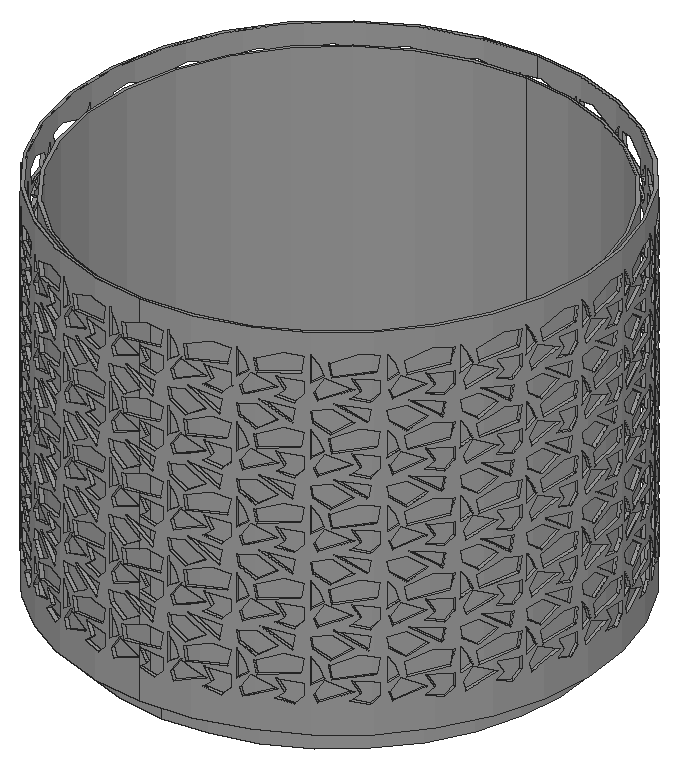
Revit family "14832 Цветочница «Филигран» средняя, диаметр 900 мм Хоббика", category Антураж, Revit 2018 (continued)
Automatic sketch dimensions
  Extrusion 25 sketch curve to Extrusion 25 sketch curve = 0.133 mm  (x4)
  Extrusion 25 sketch curve to plane 6 = 285.615 mm
  level to Extrusion 25 sketch curve = 292.385 mm
  level to Extrusion 25 sketch curve = 170.385 mm
  level to Extrusion 25 sketch curve = 284.794 mm
  Extrusion 25 sketch curve to Extrusion 25 sketch curve = 4.057 mm  (x4)
  Extrusion 25 sketch curve to plane 6 = 171.206 mm
  level to Extrusion 25 sketch curve = 162.794 mm
  Extrusion 25 sketch curve to plane 6 = 49.206 mm
  Extrusion 25 sketch curve to Extrusion 25 sketch curve = 4.19 mm
  Extrusion 25 sketch curve to plane 6 = 293.206 mm
  Extrusion 25 sketch curve to plane 6 = 72.501 mm
  Extrusion 25 sketch curve to Extrusion 25 sketch curve = 8.628 mm  (x5)
  level to Extrusion 25 sketch curve = 139.499 mm
  Extrusion 25 sketch curve to plane 6 = 316.501 mm
  level to Extrusion 25 sketch curve = 261.499 mm
  Extrusion 25 sketch curve to plane 6 = 194.501 mm
  level to Extrusion 25 sketch curve = 141.498 mm
  Extrusion 25 sketch curve to Extrusion 25 sketch curve = 0.747 mm  (x5)
  Extrusion 25 sketch curve to plane 6 = 314.502 mm
  Extrusion 25 sketch curve to plane 6 = 70.502 mm
  level to Extrusion 25 sketch curve = 263.498 mm
  Extrusion 25 sketch curve to plane 6 = 192.502 mm
  level to Extrusion 25 sketch curve = 160.292 mm
  Extrusion 25 sketch curve to Extrusion 25 sketch curve = 12.025 mm  (x5)
  Extrusion 25 sketch curve to plane 6 = 173.708 mm
  Extrusion 25 sketch curve to plane 6 = 295.708 mm
  Extrusion 25 sketch curve to plane 6 = 51.708 mm
  level to Extrusion 25 sketch curve = 282.292 mm
  level to Extrusion 25 sketch curve = 345.67 mm
  Extrusion 25 sketch curve to Extrusion 25 sketch curve = 19.647 mm  (x4)
  Extrusion 25 sketch curve to plane 6 = 232.33 mm
  Extrusion 25 sketch curve to plane 6 = 110.33 mm
  level to Extrusion 25 sketch curve = 223.67 mm
  level to Extrusion 25 sketch curve = 101.67 mm
  Extrusion 25 sketch curve to Extrusion 25 sketch curve = 10.899 mm
  Extrusion 25 sketch curve to plane 6 = 217.681 mm
  level to Extrusion 25 sketch curve = 116.319 mm
  level to Extrusion 25 sketch curve = 238.319 mm
  Extrusion 25 sketch curve to plane 6 = 95.681 mm
  Extrusion 25 sketch curve to plane 6 = 339.681 mm
  level to Extrusion 25 sketch curve = 188.601 mm
  Extrusion 25 sketch curve to Extrusion 25 sketch curve = 9.934 mm  (x4)
  Extrusion 25 sketch curve to plane 6 = 267.399 mm
  Extrusion 25 sketch curve to plane 6 = 145.399 mm
  level to Extrusion 25 sketch curve = 310.601 mm
  Extrusion 25 sketch curve to plane 6 = 156.752 mm
  Extrusion 25 sketch curve to Extrusion 25 sketch curve = 2.998 mm  (x2)
  Extrusion 25 sketch curve to Extrusion 25 sketch curve = 4.288 mm  (x3)
  Extrusion 25 sketch curve to plane 6 = 325.917 mm
  Extrusion 25 sketch curve to plane 6 = 126.818 mm
  Extrusion 25 sketch curve to plane 6 = 248.818 mm
  level to Extrusion 25 sketch curve = 207.182 mm
  level to Extrusion 25 sketch curve = 329.182 mm
  Extrusion 25 sketch curve to Extrusion 25 sketch curve = 13.764 mm  (x4)
  Extrusion 25 sketch curve to Extrusion 25 sketch curve = 11.353 mm  (x3)
  Extrusion 25 sketch curve to Extrusion 25 sketch curve = 12.985 mm
  Extrusion 25 sketch curve to Extrusion 25 sketch curve = 16.957 mm
  level to Extrusion 26 sketch curve = 133.966 mm
  level to Extrusion 26 sketch curve = 255.966 mm
  Extrusion 26 sketch curve to Extrusion 26 sketch curve = 0 mm  (x9)
  Extrusion 26 sketch curve to plane 6 = 282.455 mm
  Extrusion 26 sketch curve to plane 6 = 78.034 mm
  Extrusion 26 sketch curve to plane 6 = 344.088 mm
  level to Extrusion 26 sketch curve = 173.545 mm
  Extrusion 26 sketch curve to plane 6 = 200.034 mm
  Extrusion 26 sketch curve to plane 6 = 38.455 mm
  level to Extrusion 26 sketch curve = 295.545 mm
  Extrusion 26 sketch curve to plane 6 = 160.455 mm
  Extrusion 26 sketch curve to plane 6 = 187.049 mm
  Extrusion 26 sketch curve to Extrusion 26 sketch curve = 4.689 mm  (x5)
  level to Extrusion 26 sketch curve = 268.951 mm
  Extrusion 26 sketch curve to plane 6 = 65.049 mm
  level to Extrusion 26 sketch curve = 146.951 mm
  Extrusion 26 sketch curve to plane 6 = 309.049 mm
  level to Extrusion 26 sketch curve = 332.294 mm
  Extrusion 26 sketch curve to Extrusion 26 sketch curve = 12.981 mm  (x4)
  Extrusion 26 sketch curve to plane 6 = 245.706 mm
  Extrusion 26 sketch curve to plane 6 = 123.706 mm
  level to Extrusion 26 sketch curve = 210.294 mm
  level to Extrusion 26 sketch curve = 97.77 mm
  Extrusion 26 sketch curve to Extrusion 26 sketch curve = 14.142 mm  (x5)
  level to Extrusion 26 sketch curve = 219.77 mm
  Extrusion 26 sketch curve to Extrusion 26 sketch curve = 1.161 mm  (x4)
  Extrusion 26 sketch curve to plane 6 = 114.23 mm
  level to Extrusion 26 sketch curve = 341.77 mm
  Extrusion 26 sketch curve to plane 6 = 236.23 mm
  level to Extrusion 26 sketch curve = 307.674 mm
  Extrusion 26 sketch curve to Extrusion 26 sketch curve = 17.322 mm  (x4)
  Extrusion 26 sketch curve to plane 6 = 270.326 mm
  Extrusion 26 sketch curve to plane 6 = 148.326 mm
  level to Extrusion 26 sketch curve = 185.674 mm
  Extrusion 26 sketch curve to plane 6 = 95.434 mm
  Extrusion 26 sketch curve to Extrusion 26 sketch curve = 14.512 mm  (x5)
  Extrusion 26 sketch curve to plane 6 = 217.434 mm
  Extrusion 26 sketch curve to plane 6 = 339.434 mm
  level to Extrusion 26 sketch curve = 238.566 mm
  level to Extrusion 26 sketch curve = 116.566 mm
  level to Extrusion 26 sketch curve = 178.754 mm
  Extrusion 26 sketch curve to plane 6 = 277.246 mm
  Extrusion 26 sketch curve to plane 6 = 33.246 mm
  level to Extrusion 26 sketch curve = 300.754 mm
  Extrusion 26 sketch curve to plane 6 = 155.246 mm
  level to Extrusion 26 sketch curve = 311.448 mm
  Extrusion 26 sketch curve to Extrusion 26 sketch curve = 6.775 mm  (x4)
  Extrusion 26 sketch curve to plane 6 = 266.552 mm
  Extrusion 26 sketch curve to plane 6 = 144.552 mm
  level to Extrusion 26 sketch curve = 189.448 mm
  level to Extrusion 26 sketch curve = 120.481 mm
  Extrusion 26 sketch curve to Extrusion 26 sketch curve = 8.395 mm  (x5)
  Extrusion 26 sketch curve to plane 6 = 213.519 mm
  Extrusion 26 sketch curve to plane 6 = 335.519 mm
  Extrusion 26 sketch curve to plane 6 = 91.519 mm
  level to Extrusion 26 sketch curve = 242.481 mm
  level to Extrusion 26 sketch curve = 260.217 mm
  Extrusion 26 sketch curve to Extrusion 26 sketch curve = 4.105 mm  (x5)
  Extrusion 26 sketch curve to plane 6 = 317.783 mm
  level to Extrusion 26 sketch curve = 138.217 mm
  Extrusion 26 sketch curve to plane 6 = 195.783 mm
  Extrusion 26 sketch curve to plane 6 = 73.783 mm
  level to Extrusion 26 sketch curve = 105.534 mm
  Extrusion 26 sketch curve to Extrusion 26 sketch curve = 6.071 mm  (x5)
  Extrusion 26 sketch curve to plane 6 = 106.466 mm
  level to Extrusion 26 sketch curve = 227.534 mm
  Extrusion 26 sketch curve to plane 6 = 228.466 mm
  level to Extrusion 26 sketch curve = 349.534 mm
  Extrusion 26 sketch curve to plane 6 = 236.396 mm
  level to Extrusion 26 sketch curve = 341.604 mm
  level to Extrusion 26 sketch curve = 219.604 mm
  Extrusion 26 sketch curve to plane 6 = 114.396 mm
  level to Extrusion 26 sketch curve = 212.391 mm
  Extrusion 26 sketch curve to Extrusion 26 sketch curve = 3.307 mm  (x4)
  Extrusion 26 sketch curve to plane 6 = 121.609 mm
  level to Extrusion 26 sketch curve = 334.391 mm
  Extrusion 26 sketch curve to plane 6 = 243.609 mm
  Extrusion 26 sketch curve to plane 6 = 72.971 mm
  Extrusion 26 sketch curve to Extrusion 26 sketch curve = 28.051 mm  (x5)
  level to Extrusion 26 sketch curve = 139.029 mm
  Extrusion 26 sketch curve to plane 6 = 316.971 mm
  level to Extrusion 26 sketch curve = 261.029 mm
  Extrusion 26 sketch curve to plane 6 = 194.971 mm
  Extrusion 26 sketch curve to plane 6 = 163.615 mm
  Extrusion 26 sketch curve to Extrusion 26 sketch curve = 0.133 mm  (x4)
  Extrusion 26 sketch curve to plane 6 = 285.615 mm
  level to Extrusion 26 sketch curve = 292.385 mm
  level to Extrusion 26 sketch curve = 170.385 mm
  level to Extrusion 26 sketch curve = 284.794 mm
  Extrusion 26 sketch curve to Extrusion 26 sketch curve = 4.057 mm  (x4)
  Extrusion 26 sketch curve to plane 6 = 171.206 mm
  level to Extrusion 26 sketch curve = 162.794 mm
  Extrusion 26 sketch curve to plane 6 = 49.206 mm
  Extrusion 26 sketch curve to Extrusion 26 sketch curve = 4.19 mm
  Extrusion 26 sketch curve to plane 6 = 293.206 mm
  Extrusion 26 sketch curve to plane 6 = 72.501 mm
  Extrusion 26 sketch curve to Extrusion 26 sketch curve = 8.628 mm  (x5)
  level to Extrusion 26 sketch curve = 139.499 mm
  Extrusion 26 sketch curve to plane 6 = 316.501 mm
  level to Extrusion 26 sketch curve = 261.499 mm
  Extrusion 26 sketch curve to plane 6 = 194.501 mm
  level to Extrusion 26 sketch curve = 141.498 mm
  Extrusion 26 sketch curve to Extrusion 26 sketch curve = 0.747 mm  (x5)
  Extrusion 26 sketch curve to plane 6 = 314.502 mm
  Extrusion 26 sketch curve to plane 6 = 70.502 mm
  level to Extrusion 26 sketch curve = 263.498 mm
  Extrusion 26 sketch curve to plane 6 = 192.502 mm
  level to Extrusion 26 sketch curve = 160.292 mm
  Extrusion 26 sketch curve to Extrusion 26 sketch curve = 12.025 mm  (x5)
  Extrusion 26 sketch curve to plane 6 = 173.708 mm
  Extrusion 26 sketch curve to plane 6 = 295.708 mm
  Extrusion 26 sketch curve to plane 6 = 51.708 mm
  level to Extrusion 26 sketch curve = 282.292 mm
  level to Extrusion 26 sketch curve = 345.67 mm
  Extrusion 26 sketch curve to Extrusion 26 sketch curve = 19.647 mm  (x4)
  Extrusion 26 sketch curve to plane 6 = 232.33 mm
  Extrusion 26 sketch curve to plane 6 = 110.33 mm
  level to Extrusion 26 sketch curve = 223.67 mm
  level to Extrusion 26 sketch curve = 101.67 mm
  Extrusion 26 sketch curve to Extrusion 26 sketch curve = 10.899 mm
  Extrusion 26 sketch curve to plane 6 = 217.681 mm
  level to Extrusion 26 sketch curve = 116.319 mm
  level to Extrusion 26 sketch curve = 238.319 mm
  Extrusion 26 sketch curve to plane 6 = 95.681 mm
  Extrusion 26 sketch curve to plane 6 = 339.681 mm
  level to Extrusion 26 sketch curve = 188.601 mm
  Extrusion 26 sketch curve to Extrusion 26 sketch curve = 9.934 mm  (x4)
  Extrusion 26 sketch curve to plane 6 = 267.399 mm
  Extrusion 26 sketch curve to plane 6 = 145.399 mm
  level to Extrusion 26 sketch curve = 310.601 mm
  Extrusion 26 sketch curve to plane 6 = 156.752 mm
  Extrusion 26 sketch curve to Extrusion 26 sketch curve = 2.998 mm  (x2)
  Extrusion 26 sketch curve to Extrusion 26 sketch curve = 4.288 mm  (x3)
  Extrusion 26 sketch curve to plane 6 = 325.917 mm
  Extrusion 26 sketch curve to plane 6 = 126.818 mm
  Extrusion 26 sketch curve to plane 6 = 248.818 mm
  level to Extrusion 26 sketch curve = 207.182 mm
  level to Extrusion 26 sketch curve = 329.182 mm
  Extrusion 26 sketch curve to Extrusion 26 sketch curve = 13.764 mm  (x4)
  Extrusion 26 sketch curve to Extrusion 26 sketch curve = 11.353 mm  (x3)
  Extrusion 26 sketch curve to Extrusion 26 sketch curve = 12.985 mm
  Extrusion 26 sketch curve to Extrusion 26 sketch curve = 16.957 mm
  level to Extrusion 27 sketch curve = 133.966 mm
  level to Extrusion 27 sketch curve = 255.966 mm
  Extrusion 27 sketch curve to Extrusion 27 sketch curve = 0 mm  (x9)
  Extrusion 27 sketch curve to plane 6 = 282.455 mm
  Extrusion 27 sketch curve to plane 6 = 78.034 mm
  Extrusion 27 sketch curve to plane 6 = 344.088 mm
  level to Extrusion 27 sketch curve = 173.545 mm
  Extrusion 27 sketch curve to plane 6 = 200.034 mm
  Extrusion 27 sketch curve to plane 6 = 38.455 mm
  level to Extrusion 27 sketch curve = 295.545 mm
  Extrusion 27 sketch curve to plane 6 = 160.455 mm
  Extrusion 27 sketch curve to plane 6 = 187.049 mm
  Extrusion 27 sketch curve to Extrusion 27 sketch curve = 4.689 mm  (x5)
  level to Extrusion 27 sketch curve = 268.951 mm
  Extrusion 27 sketch curve to plane 6 = 65.049 mm
  level to Extrusion 27 sketch curve = 146.951 mm
  Extrusion 27 sketch curve to plane 6 = 309.049 mm
  level to Extrusion 27 sketch curve = 332.294 mm
  Extrusion 27 sketch curve to Extrusion 27 sketch curve = 12.981 mm  (x4)
  Extrusion 27 sketch curve to plane 6 = 245.706 mm
  Extrusion 27 sketch curve to plane 6 = 123.706 mm
  level to Extrusion 27 sketch curve = 210.294 mm
  level to Extrusion 27 sketch curve = 97.77 mm
  Extrusion 27 sketch curve to Extrusion 27 sketch curve = 14.142 mm  (x5)
  level to Extrusion 27 sketch curve = 219.77 mm
  Extrusion 27 sketch curve to Extrusion 27 sketch curve = 1.161 mm  (x4)
  Extrusion 27 sketch curve to plane 6 = 114.23 mm
  level to Extrusion 27 sketch curve = 341.77 mm
  Extrusion 27 sketch curve to plane 6 = 236.23 mm
  level to Extrusion 27 sketch curve = 307.674 mm
  Extrusion 27 sketch curve to Extrusion 27 sketch curve = 17.322 mm  (x4)
  Extrusion 27 sketch curve to plane 6 = 270.326 mm
  Extrusion 27 sketch curve to plane 6 = 148.326 mm
  level to Extrusion 27 sketch curve = 185.674 mm
  Extrusion 27 sketch curve to plane 6 = 95.434 mm
  Extrusion 27 sketch curve to Extrusion 27 sketch curve = 14.512 mm  (x5)
  Extrusion 27 sketch curve to plane 6 = 217.434 mm
  Extrusion 27 sketch curve to plane 6 = 339.434 mm
  level to Extrusion 27 sketch curve = 238.566 mm
  level to Extrusion 27 sketch curve = 116.566 mm
  level to Extrusion 27 sketch curve = 178.754 mm
  Extrusion 27 sketch curve to plane 6 = 277.246 mm
  Extrusion 27 sketch curve to plane 6 = 33.246 mm
  level to Extrusion 27 sketch curve = 300.754 mm
  Extrusion 27 sketch curve to plane 6 = 155.246 mm
  level to Extrusion 27 sketch curve = 311.448 mm
  Extrusion 27 sketch curve to Extrusion 27 sketch curve = 6.775 mm  (x4)
  Extrusion 27 sketch curve to plane 6 = 266.552 mm
  Extrusion 27 sketch curve to plane 6 = 144.552 mm
  level to Extrusion 27 sketch curve = 189.448 mm
  level to Extrusion 27 sketch curve = 120.481 mm
  Extrusion 27 sketch curve to Extrusion 27 sketch curve = 8.395 mm  (x5)
  Extrusion 27 sketch curve to plane 6 = 213.519 mm
  Extrusion 27 sketch curve to plane 6 = 335.519 mm
  Extrusion 27 sketch curve to plane 6 = 91.519 mm
  level to Extrusion 27 sketch curve = 242.481 mm
  level to Extrusion 27 sketch curve = 260.217 mm
  Extrusion 27 sketch curve to Extrusion 27 sketch curve = 4.105 mm  (x5)
  Extrusion 27 sketch curve to plane 6 = 317.783 mm
  level to Extrusion 27 sketch curve = 138.217 mm
  Extrusion 27 sketch curve to plane 6 = 195.783 mm
  Extrusion 27 sketch curve to plane 6 = 73.783 mm
  level to Extrusion 27 sketch curve = 105.534 mm
  Extrusion 27 sketch curve to Extrusion 27 sketch curve = 6.071 mm  (x5)
  Extrusion 27 sketch curve to plane 6 = 106.466 mm
  level to Extrusion 27 sketch curve = 227.534 mm
  Extrusion 27 sketch curve to plane 6 = 228.466 mm
  level to Extrusion 27 sketch curve = 349.534 mm
  Extrusion 27 sketch curve to plane 6 = 236.396 mm
  level to Extrusion 27 sketch curve = 341.604 mm
  level to Extrusion 27 sketch curve = 219.604 mm
  Extrusion 27 sketch curve to plane 6 = 114.396 mm
  level to Extrusion 27 sketch curve = 212.391 mm
  Extrusion 27 sketch curve to Extrusion 27 sketch curve = 3.307 mm  (x4)
  Extrusion 27 sketch curve to plane 6 = 121.609 mm
  level to Extrusion 27 sketch curve = 334.391 mm
  Extrusion 27 sketch curve to plane 6 = 243.609 mm
  Extrusion 27 sketch curve to plane 6 = 72.971 mm
  Extrusion 27 sketch curve to Extrusion 27 sketch curve = 28.051 mm  (x5)
  level to Extrusion 27 sketch curve = 139.029 mm
  Extrusion 27 sketch curve to plane 6 = 316.971 mm
  level to Extrusion 27 sketch curve = 261.029 mm
  Extrusion 27 sketch curve to plane 6 = 194.971 mm
  Extrusion 27 sketch curve to plane 6 = 163.615 mm
  Extrusion 27 sketch curve to Extrusion 27 sketch curve = 0.133 mm  (x4)
  Extrusion 27 sketch curve to plane 6 = 285.615 mm
  level to Extrusion 27 sketch curve = 292.385 mm
  level to Extrusion 27 sketch curve = 170.385 mm
  level to Extrusion 27 sketch curve = 284.794 mm
  Extrusion 27 sketch curve to Extrusion 27 sketch curve = 4.057 mm  (x4)
  Extrusion 27 sketch curve to plane 6 = 171.206 mm
  level to Extrusion 27 sketch curve = 162.794 mm
  Extrusion 27 sketch curve to plane 6 = 49.206 mm
  Extrusion 27 sketch curve to Extrusion 27 sketch curve = 4.19 mm
  Extrusion 27 sketch curve to plane 6 = 293.206 mm
  Extrusion 27 sketch curve to plane 6 = 72.501 mm
  Extrusion 27 sketch curve to Extrusion 27 sketch curve = 8.628 mm  (x5)
  level to Extrusion 27 sketch curve = 139.499 mm
  Extrusion 27 sketch curve to plane 6 = 316.501 mm
  level to Extrusion 27 sketch curve = 261.499 mm
  Extrusion 27 sketch curve to plane 6 = 194.501 mm
  level to Extrusion 27 sketch curve = 141.498 mm
  Extrusion 27 sketch curve to Extrusion 27 sketch curve = 0.747 mm  (x5)
  Extrusion 27 sketch curve to plane 6 = 314.502 mm
  Extrusion 27 sketch curve to plane 6 = 70.502 mm
  level to Extrusion 27 sketch curve = 263.498 mm
  Extrusion 27 sketch curve to plane 6 = 192.502 mm
  level to Extrusion 27 sketch curve = 160.292 mm
  Extrusion 27 sketch curve to Extrusion 27 sketch curve = 12.025 mm  (x5)
  Extrusion 27 sketch curve to plane 6 = 173.708 mm
  Extrusion 27 sketch curve to plane 6 = 295.708 mm
  Extrusion 27 sketch curve to plane 6 = 51.708 mm
  level to Extrusion 27 sketch curve = 282.292 mm
  level to Extrusion 27 sketch curve = 345.67 mm
  Extrusion 27 sketch curve to Extrusion 27 sketch curve = 19.647 mm  (x4)
  Extrusion 27 sketch curve to plane 6 = 232.33 mm
  Extrusion 27 sketch curve to plane 6 = 110.33 mm
  level to Extrusion 27 sketch curve = 223.67 mm
  level to Extrusion 27 sketch curve = 101.67 mm
  Extrusion 27 sketch curve to Extrusion 27 sketch curve = 10.899 mm
  Extrusion 27 sketch curve to plane 6 = 217.681 mm
  level to Extrusion 27 sketch curve = 116.319 mm
  level to Extrusion 27 sketch curve = 238.319 mm
  Extrusion 27 sketch curve to plane 6 = 95.681 mm
  Extrusion 27 sketch curve to plane 6 = 339.681 mm
  level to Extrusion 27 sketch curve = 188.601 mm
  Extrusion 27 sketch curve to Extrusion 27 sketch curve = 9.934 mm  (x4)
  Extrusion 27 sketch curve to plane 6 = 267.399 mm
  Extrusion 27 sketch curve to plane 6 = 145.399 mm
  level to Extrusion 27 sketch curve = 310.601 mm
  Extrusion 27 sketch curve to plane 6 = 156.752 mm
  Extrusion 27 sketch curve to Extrusion 27 sketch curve = 2.998 mm  (x2)
  Extrusion 27 sketch curve to Extrusion 27 sketch curve = 4.288 mm  (x3)
  Extrusion 27 sketch curve to plane 6 = 325.917 mm
  Extrusion 27 sketch curve to plane 6 = 126.818 mm
  Extrusion 27 sketch curve to plane 6 = 248.818 mm
  level to Extrusion 27 sketch curve = 207.182 mm
  level to Extrusion 27 sketch curve = 329.182 mm
  Extrusion 27 sketch curve to Extrusion 27 sketch curve = 13.764 mm  (x4)
  Extrusion 27 sketch curve to Extrusion 27 sketch curve = 11.353 mm  (x3)
  Extrusion 27 sketch curve to Extrusion 27 sketch curve = 12.985 mm
  Extrusion 27 sketch curve to Extrusion 27 sketch curve = 16.957 mm
  level to Extrusion 28 sketch curve = 133.966 mm
  level to Extrusion 28 sketch curve = 255.966 mm
  Extrusion 28 sketch curve to Extrusion 28 sketch curve = 0 mm  (x9)
  Extrusion 28 sketch curve to plane 6 = 282.455 mm
  Extrusion 28 sketch curve to plane 6 = 78.034 mm
  Extrusion 28 sketch curve to plane 6 = 344.088 mm
  level to Extrusion 28 sketch curve = 173.545 mm
  Extrusion 28 sketch curve to plane 6 = 200.034 mm
  Extrusion 28 sketch curve to plane 6 = 38.455 mm
  level to Extrusion 28 sketch curve = 295.545 mm
  Extrusion 28 sketch curve to plane 6 = 160.455 mm
  Extrusion 28 sketch curve to plane 6 = 187.049 mm
  Extrusion 28 sketch curve to Extrusion 28 sketch curve = 4.689 mm  (x5)
  level to Extrusion 28 sketch curve = 268.951 mm
  Extrusion 28 sketch curve to plane 6 = 65.049 mm
  level to Extrusion 28 sketch curve = 146.951 mm
  Extrusion 28 sketch curve to plane 6 = 309.049 mm
  level to Extrusion 28 sketch curve = 332.294 mm
  Extrusion 28 sketch curve to Extrusion 28 sketch curve = 12.981 mm  (x4)
  Extrusion 28 sketch curve to plane 6 = 245.706 mm
  Extrusion 28 sketch curve to plane 6 = 123.706 mm
  level to Extrusion 28 sketch curve = 210.294 mm
  level to Extrusion 28 sketch curve = 97.77 mm
  Extrusion 28 sketch curve to Extrusion 28 sketch curve = 14.142 mm  (x5)
  level to Extrusion 28 sketch curve = 219.77 mm
  Extrusion 28 sketch curve to Extrusion 28 sketch curve = 1.161 mm  (x4)
  Extrusion 28 sketch curve to plane 6 = 114.23 mm
  level to Extrusion 28 sketch curve = 341.77 mm
  Extrusion 28 sketch curve to plane 6 = 236.23 mm
  level to Extrusion 28 sketch curve = 307.674 mm
  Extrusion 28 sketch curve to Extrusion 28 sketch curve = 17.322 mm  (x4)
  Extrusion 28 sketch curve to plane 6 = 270.326 mm
  Extrusion 28 sketch curve to plane 6 = 148.326 mm
  level to Extrusion 28 sketch curve = 185.674 mm
  Extrusion 28 sketch curve to plane 6 = 95.434 mm
  Extrusion 28 sketch curve to Extrusion 28 sketch curve = 14.512 mm  (x5)
  Extrusion 28 sketch curve to plane 6 = 217.434 mm
  Extrusion 28 sketch curve to plane 6 = 339.434 mm
  level to Extrusion 28 sketch curve = 238.566 mm
  level to Extrusion 28 sketch curve = 116.566 mm
  level to Extrusion 28 sketch curve = 178.754 mm
  Extrusion 28 sketch curve to plane 6 = 277.246 mm
  Extrusion 28 sketch curve to plane 6 = 33.246 mm
  level to Extrusion 28 sketch curve = 300.754 mm
  Extrusion 28 sketch curve to plane 6 = 155.246 mm
  level to Extrusion 28 sketch curve = 311.448 mm
  Extrusion 28 sketch curve to Extrusion 28 sketch curve = 6.775 mm  (x4)
  Extrusion 28 sketch curve to plane 6 = 266.552 mm
  Extrusion 28 sketch curve to plane 6 = 144.552 mm
  level to Extrusion 28 sketch curve = 189.448 mm
  level to Extrusion 28 sketch curve = 120.481 mm
  Extrusion 28 sketch curve to Extrusion 28 sketch curve = 8.395 mm  (x5)
  Extrusion 28 sketch curve to plane 6 = 213.519 mm
  Extrusion 28 sketch curve to plane 6 = 335.519 mm
  Extrusion 28 sketch curve to plane 6 = 91.519 mm
  level to Extrusion 28 sketch curve = 242.481 mm
  level to Extrusion 28 sketch curve = 260.217 mm
  Extrusion 28 sketch curve to Extrusion 28 sketch curve = 4.105 mm  (x5)
  Extrusion 28 sketch curve to plane 6 = 317.783 mm
  level to Extrusion 28 sketch curve = 138.217 mm
  Extrusion 28 sketch curve to plane 6 = 195.783 mm
  Extrusion 28 sketch curve to plane 6 = 73.783 mm
  level to Extrusion 28 sketch curve = 105.534 mm
  Extrusion 28 sketch curve to Extrusion 28 sketch curve = 6.071 mm  (x5)
  Extrusion 28 sketch curve to plane 6 = 106.466 mm
  level to Extrusion 28 sketch curve = 227.534 mm
  Extrusion 28 sketch curve to plane 6 = 228.466 mm
  level to Extrusion 28 sketch curve = 349.534 mm
  Extrusion 28 sketch curve to plane 6 = 236.396 mm
  level to Extrusion 28 sketch curve = 341.604 mm
  level to Extrusion 28 sketch curve = 219.604 mm
  Extrusion 28 sketch curve to plane 6 = 114.396 mm
  level to Extrusion 28 sketch curve = 212.391 mm
  Extrusion 28 sketch curve to Extrusion 28 sketch curve = 3.307 mm  (x4)
  Extrusion 28 sketch curve to plane 6 = 121.609 mm
  level to Extrusion 28 sketch curve = 334.391 mm
  Extrusion 28 sketch curve to plane 6 = 243.609 mm
  Extrusion 28 sketch curve to plane 6 = 72.971 mm
  Extrusion 28 sketch curve to Extrusion 28 sketch curve = 28.051 mm  (x5)
  level to Extrusion 28 sketch curve = 139.029 mm
  Extrusion 28 sketch curve to plane 6 = 316.971 mm
  level to Extrusion 28 sketch curve = 261.029 mm
  Extrusion 28 sketch curve to plane 6 = 194.971 mm
  Extrusion 28 sketch curve to plane 6 = 163.615 mm
  Extrusion 28 sketch curve to Extrusion 28 sketch curve = 0.133 mm  (x4)
  Extrusion 28 sketch curve to plane 6 = 285.615 mm
  level to Extrusion 28 sketch curve = 292.385 mm
  level to Extrusion 28 sketch curve = 170.385 mm
  level to Extrusion 28 sketch curve = 284.794 mm
  Extrusion 28 sketch curve to Extrusion 28 sketch curve = 4.057 mm  (x4)
  Extrusion 28 sketch curve to plane 6 = 171.206 mm
  level to Extrusion 28 sketch curve = 162.794 mm
  Extrusion 28 sketch curve to plane 6 = 49.206 mm
  Extrusion 28 sketch curve to Extrusion 28 sketch curve = 4.19 mm
  Extrusion 28 sketch curve to plane 6 = 293.206 mm
  Extrusion 28 sketch curve to plane 6 = 72.501 mm
  Extrusion 28 sketch curve to Extrusion 28 sketch curve = 8.628 mm  (x5)
  level to Extrusion 28 sketch curve = 139.499 mm
  Extrusion 28 sketch curve to plane 6 = 316.501 mm
  level to Extrusion 28 sketch curve = 261.499 mm
  Extrusion 28 sketch curve to plane 6 = 194.501 mm
  level to Extrusion 28 sketch curve = 141.498 mm
  Extrusion 28 sketch curve to Extrusion 28 sketch curve = 0.747 mm  (x5)
  Extrusion 28 sketch curve to plane 6 = 314.502 mm
  Extrusion 28 sketch curve to plane 6 = 70.502 mm
  level to Extrusion 28 sketch curve = 263.498 mm
  Extrusion 28 sketch curve to plane 6 = 192.502 mm
  level to Extrusion 28 sketch curve = 160.292 mm
  Extrusion 28 sketch curve to Extrusion 28 sketch curve = 12.025 mm  (x5)
  Extrusion 28 sketch curve to plane 6 = 173.708 mm
  Extrusion 28 sketch curve to plane 6 = 295.708 mm
  Extrusion 28 sketch curve to plane 6 = 51.708 mm
  level to Extrusion 28 sketch curve = 282.292 mm
  level to Extrusion 28 sketch curve = 345.67 mm
  Extrusion 28 sketch curve to Extrusion 28 sketch curve = 19.647 mm  (x4)
  Extrusion 28 sketch curve to plane 6 = 232.33 mm
  Extrusion 28 sketch curve to plane 6 = 110.33 mm
  level to Extrusion 28 sketch curve = 223.67 mm
  level to Extrusion 28 sketch curve = 101.67 mm
  Extrusion 28 sketch curve to Extrusion 28 sketch curve = 10.899 mm
  Extrusion 28 sketch curve to plane 6 = 217.681 mm
  level to Extrusion 28 sketch curve = 116.319 mm
  level to Extrusion 28 sketch curve = 238.319 mm
  Extrusion 28 sketch curve to plane 6 = 95.681 mm
  Extrusion 28 sketch curve to plane 6 = 339.681 mm
  level to Extrusion 28 sketch curve = 188.601 mm
  Extrusion 28 sketch curve to Extrusion 28 sketch curve = 9.934 mm  (x4)
  Extrusion 28 sketch curve to plane 6 = 267.399 mm
  Extrusion 28 sketch curve to plane 6 = 145.399 mm
  level to Extrusion 28 sketch curve = 310.601 mm
  Extrusion 28 sketch curve to plane 6 = 156.752 mm
  Extrusion 28 sketch curve to Extrusion 28 sketch curve = 2.998 mm  (x2)
  Extrusion 28 sketch curve to Extrusion 28 sketch curve = 4.288 mm  (x3)
  Extrusion 28 sketch curve to plane 6 = 325.917 mm
  Extrusion 28 sketch curve to plane 6 = 126.818 mm
  Extrusion 28 sketch curve to plane 6 = 248.818 mm
  level to Extrusion 28 sketch curve = 207.182 mm
  level to Extrusion 28 sketch curve = 329.182 mm
  Extrusion 28 sketch curve to Extrusion 28 sketch curve = 13.764 mm  (x4)
  Extrusion 28 sketch curve to Extrusion 28 sketch curve = 11.353 mm  (x3)
  Extrusion 28 sketch curve to Extrusion 28 sketch curve = 12.985 mm
  Extrusion 28 sketch curve to Extrusion 28 sketch curve = 16.957 mm
